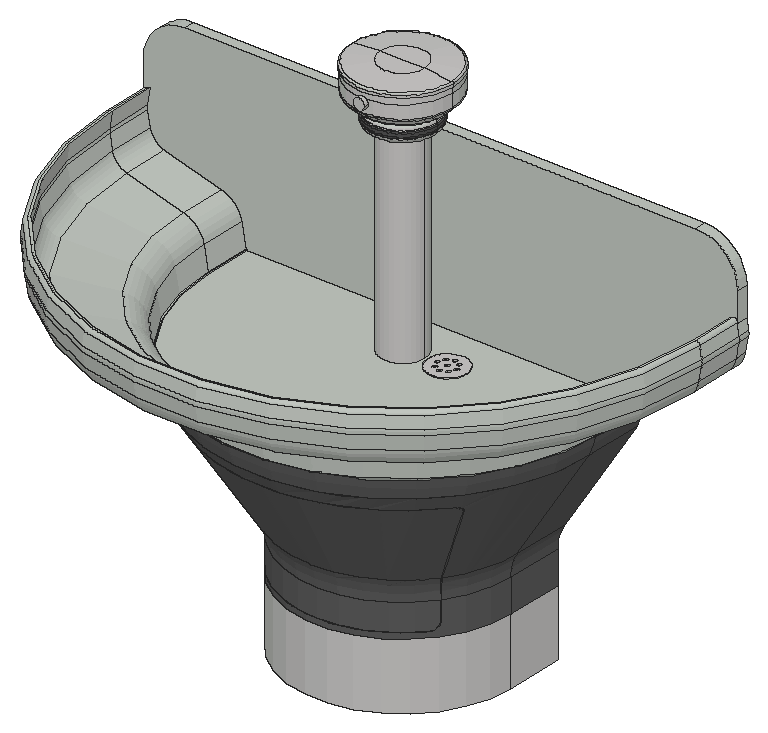
Revit family "Washfountain_Lavatory-Bradley_Corp-TDB3104-Type_O_Drain", category Plumbing Fixtures, Revit 2012
Parameters (values of type "Standard")
  Width = 54.000"
  Warranty Information = "Terreon® material warranted for ten years. All other components warranted for one year. This warranty does not cover installation or any other labor charges and does not apply to any units, which have been damaged by accident, abuse, improper installation, improper maintenance, or altered in any way."
  WFU = 0
  Voltage = 110 V
  Version = "2.0"
  Vent Radius = 3/4"
  URL = "http://www.bradleycorp.com/"
  Towel Dispenser Holder [instance] = if(and(Soap Dispenser, Model ID = 2), 4.560", if(and(Soap Dispenser, Model ID = 1), 5.060", 4.396"))  # 4.396"
  Towel Dispenser Height [instance] = if(and(Soap Dispenser, Model ID = 2), 60.310", if(and(Soap Dispenser, Model ID = 1), 56.310", if(and(No Soap Dispenser, Model ID = 2), 51.810", 47.810")))  # 51.810"
  TouchTime® Control [instance] = yes
  Technical Data = "n/a"
  Supply Height [instance] = if(and(Towel Dispenser, Soap Dispenser, Model ID = 2), 80.313", if(and(Towel Dispenser, No Soap Dispenser, Model ID = 2), 71.813", (if(and(No Towel Dispenser, Soap Dispenser, Model ID = 2), 55.750", (if(and(No Towel Dispenser, No Soap Dispenser, Model ID = 2), 47.414", if(and(Towel Dispenser, Soap Dispenser, Model ID = 1), 75.813", if(and(Towel Dispenser, No Soap Dispenser, Model ID = 1), 67.313", if(and(No Towel Dispenser, Soap Dispenser, Model ID = 1), 51.250", 43.414")))))))))  # 47.414"
  Standard Height = Model ID = 2  # yes
  Spray Head Height = 43.719"
  Specifications URL = "http://www.bradleycorp.com/3partspec"
  Soap Dispenser Height = 55.750"
  Sensor Module Height = 47.414"
  Rim Height = 34.000"
  Product Tech Data URL - Spanish = ""
  Product Tech Data URL - French = ""
  Product Tech Data URL - English = "http://bradleycorp.com/download/1293/2055.pdf"
  Pedestal Material = Fibreglass - Bradley Corp - Black
  Pedestal Height = 23.500"
  Operating Water Pressure Range = "20 - 80 PSI"
  OmniClass Table 23 Title = "Sinks/Lavatories"
  OmniClass Table 23 Number = "23-31 13 00"
  OmniClass Table 21 Title = "Plumbing Fixtures"
  OmniClass Table 21 Number = "21-04 20 10 60"
  No Towel Dispenser [instance] = not(Towel Dispenser)  # yes
  No Soap Dispenser [instance] = not(Soap Dispenser)  # yes
  Modeling Code = ""
  Model ID = 2
  Model = "TDB3104"
  Material Note = "Other Terreon® colors available - See www.bradleycorp.com "
  MasterFormat Title = "Commercial Lavatories and Sinks"
  MasterFormat Number = "22 42 16"
  Manufacturer = "Bradley Corp"
  Juvenile Height = Model ID = 1  # no
  Industry Standards = " ANSI Z124.3, Z124.6 and ANSI/ICPA SS-1-2001"
  Hot Lavatory Inlet Radius = Hot Lavatory Inlet / 2  # 1/4"
  Hot Lavatory Inlet = 1/2"
  HWFU = 0
  Frequency = 50 Hz
  Flow Rate = 2.5 GPM
  Fire Rating = "n/a"
  Drain Secondary Radius = Drain Secondary / 2  # 1"
  Drain Secondary = 2"
  Drain Primary Radius = Drain Primary / 2  # 1"
  Drain Primary = 2"
  Description = "54\" Semi-Circular, Deep Bowl Washfountain"
  Copyright = "This Model Data is Property of Bradley Corporation"
  Cold Lavatory Inlet Radius = Cold Lavatory Inlet / 2  # 1/4"
  Cold Lavatory Inlet = 1/2"
  CWFU = 0
  Buy American Act = "No"
  Button Visibility [instance] = or(TouchTime® Control, Air Valve Hand Control)  # yes
  Bowl Material [instance] = Stone - Bradley Corp - Empire Gray
  Assembly Code = "D2010300"
  Air Valve Hand Control [instance] = no
  Adaptive Infrared Activation Control [instance] = no
  ADA Compliant = "Yes"
  Soap Dispenser [instance] = no
  Towel Dispenser [instance] = no
Reference planes (in)
  plane 1 "Center (Front/Back)": y = 0
  plane 2: z = 0
  plane 3 "Center (Left/Right)": x = 0
  plane 4 "Left": x = -27
  plane 5 "Right": x = 27
  plane 6 "Towel Dispenser": z = 51.81
  plane 7 "Soap Dispenser": z = 55.75
  plane 8 "Sensor Module": z = 47.414
  plane 9 "Spray Head": z = 43.719
  plane 10 "Rim Height": z = 34
  plane 11 "Pedestal Height": z = 23.5
  plane 12: y = -32.24695
  plane 13: y = -5.3402
Forms (in)
  Extrusion 1, solid, material "Stainless Steel - Bradley Corp - Satin"
    sketch origin (0, 0, 0) x (1, 0, 0) y (0, 1, 0)
      loop
        arc (-9.75, -5.25) -> (0, -15) -> (9.75, -5.25) r 9.75
        line (9.75, -5.25) -> (9.75, 0) -> (-9.75, 0) -> (-9.75, -5.25)
    from 0 to 6.02
  Sweep 2, solid, material "Fibreglass - Bradley Corp - Black" <- "Pedestal Material", detail levels coarse
    path in 3D
      loop
        line (-9.75, 0, 6.02) -> (-9.75, -5.25, 6.02)
        arc (-9.75, -5.25, 6.02) -> (0, -15, 6.02) -> (9.75, -5.25, 6.02) r 9.75
        line (9.75, -5.25, 6.02) -> (9.75, 0, 6.02)
    profile origin (-9.75, -2.625, 6.02) x (1, 0, 0) y (0, 0, 1)
      loop
        line (-0.62812, 5.13184) -> (0, 2.98) -> (0, 0) -> (0.5, 0) -> (0.5, 2.98) -> (-0.20663, 5.40082) -> (-6.67795, 15.54125) -> (-7.23012, 17.48) -> (-7.75, 17.48) -> (-7.13879, 15.33394) -> (-0.62812, 5.13184)
  Sweep 3, solid, material "Fibreglass - Bradley Corp - Black" <- "Pedestal Material", detail levels medium+fine
    path in 3D
      loop
        line (-9.75, 0, 6.02) -> (-9.75, -5.25, 6.02)
        arc (-9.75, -5.25, 6.02) -> (0, -15, 6.02) -> (9.75, -5.25, 6.02) r 9.75
        line (9.75, -5.25, 6.02) -> (9.75, 0, 6.02)
    profile origin (-9.75, -2.625, 6.02) x (1, 0, 0) y (0, 0, 1)
      loop
        line (-7.13879, 15.33394) -> (-0.62812, 5.13184)
        arc (-0.62812, 5.13184) -> (-0.16024, 4.10082) -> (0, 2.98) r 4
        line (0, 2.98) -> (0, 0) -> (0.5, 0) -> (0.5, 2.98) -> (-0.20663, 5.40082) -> (-6.67795, 15.54125) -> (-7.23012, 17.48) -> (-7.61822, 17.48)
        arc (-7.61822, 17.48) -> (-7.70221, 17.43276) -> (-7.72517, 17.33917) r 0.12116
        arc (-7.72517, 17.33917) -> (-7.49023, 16.31952) -> (-7.13879, 15.33394) r 9.0211
  Sweep 4, solid, material "Stone - Bradley Corp - Empire Gray" <- "Bowl Material", visible <- "Standard Height", detail levels coarse
    path in 3D
      loop
        line (-9.75, -0.99695, 6.02) -> (-9.75, -5.25, 6.02)
        arc (-9.75, -5.25, 6.02) -> (0, -15, 6.02) -> (9.75, -5.25, 6.02) r 9.75
        line (9.75, -5.25, 6.02) -> (9.75, -0.99695, 6.02)
    profile origin (-9.75, -3.12347, 6.02) x (1, 0, 0) y (0, 0, 1)
      loop
        line (-8.69027, 19.99893) -> (-8.25, 17.48) -> (-7.74242, 17.48) -> (-7.74242, 17.98) -> (-8.22286, 20.22877) -> (-9.87228, 22.03159) -> (-14.93805, 23.3892) -> (-16.52873, 27.98) -> (-17.05789, 27.98) -> (-15.32366, 22.9749) -> (-10.14268, 21.58641) -> (-8.69027, 19.99893)
  Sweep 5, solid, material "Stone - Bradley Corp - Empire Gray" <- "Bowl Material", visible <- "Standard Height", detail levels medium+fine
    path in 3D
      loop
        line (-9.75, -0.99695, 6.02) -> (-9.75, -5.25, 6.02)
        arc (-9.75, -5.25, 6.02) -> (0, -15, 6.02) -> (9.75, -5.25, 6.02) r 9.75
        line (9.75, -5.25, 6.02) -> (9.75, -0.99695, 6.02)
    profile origin (-9.75, -3.12347, 6.02) x (1, 0, 0) y (0, 0, 1)
      loop
        arc (-16.68727, 27.98028) -> (-16.93198, 27.88933) -> (-17.05789, 27.66063) r 0.37468
        line (-17.05789, 27.66063) -> (-17.21443, 26.6064)
        arc (-17.21443, 26.6064) -> (-17.23048, 26.36063) -> (-17.2061, 26.11555) r 1.5
        line (-17.2061, 26.11555) -> (-16.95433, 24.74241)
        arc (-16.95433, 24.74241) -> (-16.39494, 23.62252) -> (-15.32366, 22.9749) r 2.25
        line (-15.32366, 22.9749) -> (-10.14268, 21.58641)
        arc (-10.14268, 21.58641) -> (-9.1848, 21.00462) -> (-8.69027, 19.99893) r 2
        line (-8.69027, 19.99893) -> (-8.26736, 17.57934)
        arc (-8.26736, 17.57934) -> (-8.22636, 17.50813) -> (-8.14915, 17.48) r 0.12
        line (-8.14915, 17.48) -> (-7.74242, 17.48) -> (-7.74242, 17.98)
        arc (-7.74242, 17.98) -> (-7.8103, 18.00475) -> (-7.84632, 18.06737) r 0.10547
        line (-7.84632, 18.06737) -> (-8.19748, 20.08354)
        arc (-8.19748, 20.08354) -> (-8.8154, 21.34158) -> (-10.01324, 22.06937) r 2.5
        line (-10.01324, 22.06937) -> (-15.19423, 23.45786)
        arc (-15.19423, 23.45786) -> (-16.02745, 23.96157) -> (-16.46253, 24.83259) r 1.75
        line (-16.46253, 24.83259) -> (-16.7143, 26.20573)
        arc (-16.7143, 26.20573) -> (-16.73056, 26.36911) -> (-16.71985, 26.53296) r 1
        line (-16.71985, 26.53296) -> (-16.50494, 27.98028) -> (-16.68727, 27.98028)
  Extrusion 6, solid, material "Stone - Bradley Corp - Empire Gray" <- "Bowl Material", visible <- "Standard Height", detail levels medium+fine
    sketch origin (-21, 0, 40) x (-1, 0, 0) y (0, 0, -1)
      loop
        arc (2.05789, 0) -> (4.70954, 1.09835) -> (5.80789, 3.75) r 3.75
        line (5.80789, 3.75) -> (5.80789, 6.31937) -> (5.96443, 7.3736)
        arc (5.96443, 7.3736) -> (5.98048, 7.61937) -> (5.9561, 7.86445) r 1.5
        line (5.9561, 7.86445) -> (5.70433, 9.23759)
        arc (5.70433, 9.23759) -> (5.14494, 10.35748) -> (4.07366, 11.0051) r 2.25
        line (4.07366, 11.0051) -> (-1.10732, 12.39359)
        arc (-1.10732, 12.39359) -> (-2.0652, 12.97538) -> (-2.55973, 13.98107) r 2
        line (-2.55973, 13.98107) -> (-2.98264, 16.40066)
        arc (-2.98264, 16.40066) -> (-3.02364, 16.47187) -> (-3.10085, 16.5) r 0.12
        line (-3.10085, 16.5) -> (-38.89915, 16.5)
        arc (-38.89915, 16.5) -> (-38.97636, 16.47187) -> (-39.01736, 16.40066) r 0.12
        line (-39.01736, 16.40066) -> (-39.44027, 13.98107)
        arc (-39.44027, 13.98107) -> (-39.9348, 12.97538) -> (-40.89268, 12.39359) r 2
        line (-40.89268, 12.39359) -> (-46.07366, 11.0051)
        arc (-46.07366, 11.0051) -> (-47.14494, 10.35748) -> (-47.70433, 9.23759) r 2.25
        line (-47.70433, 9.23759) -> (-47.9561, 7.86445)
        arc (-47.9561, 7.86445) -> (-47.98048, 7.61937) -> (-47.96443, 7.3736) r 1.5
        line (-47.96443, 7.3736) -> (-47.80789, 6.31937) -> (-47.80789, 3.75)
        arc (-47.80789, 3.75) -> (-46.70954, 1.09835) -> (-44.05789, 0) r 3.75
        line (-44.05789, 0) -> (2.05789, 0)
    from 0 to 0.99695
  Extrusion 7, solid, material "Stone - Bradley Corp - Empire Gray" <- "Bowl Material", visible <- "Standard Height", detail levels coarse
    sketch origin (-21, 0, 40) x (-1, 0, 0) y (0, 0, -1)
      loop
        arc (2.05789, 0) -> (4.70954, 1.09835) -> (5.80789, 3.75) r 3.75
        line (5.80789, 3.75) -> (5.80789, 6) -> (4.07366, 11.0051) -> (-1.10732, 12.39359) -> (-2.55973, 13.98107) -> (-3, 16.5) -> (-39, 16.5) -> (-39.44027, 13.98107) -> (-40.89268, 12.39359) -> (-46.07366, 11.0051) -> (-47.80789, 6) -> (-47.80789, 3.75)
        arc (-47.80789, 3.75) -> (-46.70954, 1.09835) -> (-44.05789, 0) r 3.75
        line (-44.05789, 0) -> (2.05789, 0)
    from 0 to 0.99695
  Extrusion 8, solid, material "Stone - Bradley Corp - Empire Gray" <- "Bowl Material"
    sketch origin (0, 0, 0) x (1, 0, 0) y (0, 1, 0)
      loop
        arc (-17.49242, -5.25) -> (0, -22.74242) -> (17.49242, -5.25) r 17.49242
        line (17.49242, -5.25) -> (17.49242, -0.99695) -> (-17.49242, -0.99695) -> (-17.49242, -5.25)
      loop
        circle (4, -5.24635) r 1.75
    from 23.5 to 24
  Extrusion 9, solid, material "Fibreglass - Bradley Corp - Black" <- "Pedestal Material"
    sketch origin (0, 0, 0) x (1, 0, 0) y (0, 0, 1)
      loop
        line (16.42795, 21.56125) -> (16.98012, 23.5) -> (-16.98012, 23.5) -> (-16.42795, 21.56125) -> (-9.95663, 11.42082) -> (-9.25, 9) -> (-9.25, 6.02) -> (9.25, 6.02) -> (9.25, 9) -> (9.95663, 11.42082) -> (16.42795, 21.56125)
    from 0 to 0.99695
  Sweep 10, solid, material "Stone - Bradley Corp - Empire Gray" <- "Bowl Material", visible <- "Juvenile Height", detail levels coarse
    path in 3D
      loop
        line (-9.75, -0.99695, 6.02) -> (-9.75, -5.25, 6.02)
        arc (-9.75, -5.25, 6.02) -> (0, -15, 6.02) -> (9.75, -5.25, 6.02) r 9.75
        line (9.75, -5.25, 6.02) -> (9.75, -0.99695, 6.02)
    profile origin (-9.75, -3.12347, 6.02) x (1, 0, 0) y (0, 0, 1)
      loop
        line (-17.05789, 23.48016) -> (-15.79641, 19.98631) -> (-9.31066, 18.54066) -> (-8.25, 17.48) -> (-7.74242, 17.48) -> (-7.74242, 17.98) -> (-8.04289, 17.98) -> (-9.05994, 18.99705) -> (-15.42026, 20.41473) -> (-16.71791, 23.98) -> (-17.05789, 23.98) -> (-17.05789, 23.48016)
  Sweep 11, solid, material "Stone - Bradley Corp - Empire Gray" <- "Bowl Material", visible <- "Juvenile Height", detail levels medium+fine
    path in 3D
      loop
        line (-9.75, -0.99695, 6.02) -> (-9.75, -5.25, 6.02)
        arc (-9.75, -5.25, 6.02) -> (0, -15, 6.02) -> (9.75, -5.25, 6.02) r 9.75
        line (9.75, -5.25, 6.02) -> (9.75, -0.99695, 6.02)
    profile origin (-9.75, -3.12347, 6.02) x (1, 0, 0) y (0, 0, 1)
      loop
        line (-17.06017, 23.47983) -> (-16.09625, 20.81009)
        arc (-16.09625, 20.81009) -> (-15.56078, 20.13316) -> (-14.78237, 19.76028) r 1.9141
        line (-14.78237, 19.76028) -> (-9.98471, 18.6909)
        arc (-9.98471, 18.6909) -> (-9.38001, 18.4665) -> (-8.85786, 18.08786) r 2.37805
        line (-8.85786, 18.08786) -> (-8.25, 17.48) -> (-7.74242, 17.48) -> (-7.74242, 17.98) -> (-8.04289, 17.98) -> (-8.508, 18.44511)
        arc (-8.508, 18.44511) -> (-9.14156, 18.90599) -> (-9.87593, 19.17893) r 2.87805
        line (-9.87593, 19.17893) -> (-14.6736, 20.2483)
        arc (-14.6736, 20.2483) -> (-15.3549, 20.61776) -> (-15.73914, 21.29084) r 1.4141
        line (-15.73914, 21.29084) -> (-16.71803, 23.98032)
        arc (-16.71803, 23.98032) -> (-17.01718, 23.81764) -> (-17.06017, 23.47983) r 0.3737
  Extrusion 12, solid, material "Stone - Bradley Corp - Empire Gray" <- "Bowl Material", visible <- "Juvenile Height", detail levels medium+fine
    sketch origin (-33.92149, 0, 36) x (1, 0, 0) y (0, 0, 1)
      loop
        arc (10.8636, 0) -> (8.21195, -1.09835) -> (7.1136, -3.75) r 3.75
        line (7.1136, -3.75) -> (7.1136, -6.29359)
        arc (7.1136, -6.29359) -> (7.12237, -6.47702) -> (7.16726, -6.6551) r 0.92368
        line (7.16726, -6.6551) -> (8.07524, -9.16991)
        arc (8.07524, -9.16991) -> (8.61071, -9.84684) -> (9.38912, -10.21972) r 1.9141
        line (9.38912, -10.21972) -> (14.18678, -11.2891)
        arc (14.18678, -11.2891) -> (14.79148, -11.5135) -> (15.31363, -11.89214) r 2.37805
        line (15.31363, -11.89214) -> (15.92149, -12.5) -> (51.92149, -12.5) -> (52.52935, -11.89214)
        arc (52.52935, -11.89214) -> (53.05151, -11.5135) -> (53.6562, -11.2891) r 2.37805
        line (53.6562, -11.2891) -> (58.45386, -10.21972)
        arc (58.45386, -10.21972) -> (59.23227, -9.84684) -> (59.76774, -9.16991) r 1.9141
        line (59.76774, -9.16991) -> (60.67573, -6.6551)
        arc (60.67573, -6.6551) -> (60.72061, -6.47702) -> (60.72938, -6.29359) r 0.92368
        line (60.72938, -6.29359) -> (60.72938, -3.75)
        arc (60.72938, -3.75) -> (59.63103, -1.09835) -> (56.97938, 0) r 3.75
        line (56.97938, 0) -> (10.8636, 0)
    from 0 to 0.99695
  Extrusion 13, solid, material "Stone - Bradley Corp - Empire Gray" <- "Bowl Material", visible <- "Juvenile Height", detail levels coarse
    sketch origin (-33.92149, 0, 36) x (1, 0, 0) y (0, 0, 1)
      loop
        line (60.72938, -6.52782) -> (60.72938, -3.75)
        arc (60.72938, -3.75) -> (59.63103, -1.09835) -> (56.97938, 0) r 3.75
        line (56.97938, 0) -> (10.8636, 0)
        arc (10.8636, 0) -> (8.21195, -1.09835) -> (7.1136, -3.75) r 3.75
        line (7.1136, -3.75) -> (7.1136, -6.52782) -> (8.37508, -9.99369) -> (14.86083, -11.43934) -> (15.92149, -12.5) -> (51.92149, -12.5) -> (52.98215, -11.43934) -> (59.46791, -9.99369) -> (60.72938, -6.52782)
    from 0 to 0.99695
  Extrusion 14, solid, material "Stainless Steel - Bradley Corp - Polished", detail levels medium+fine
    sketch origin (0, 0, 24) x (1, 0, 0) y (0, 1, 0)
      loop
        circle (4, -5.24635) r 1.75
      loop
        circle (4, -5.24635) r 0.1842
      loop
        circle (4, -4.36864) r 0.1842
      loop
        circle (3.12229, -5.24635) r 0.1842
      loop
        circle (4, -6.12406) r 0.1842
      loop
        circle (4.87771, -5.24635) r 0.1842
      loop
        circle (4.62063, -4.62571) r 0.1842
      loop
        circle (3.37937, -4.62571) r 0.1842
      loop
        circle (3.37937, -5.86698) r 0.1842
      loop
        circle (4.62063, -5.86698) r 0.1842
    from 0 to 0.04618
  Extrusion 15, solid, material "Stainless Steel - Bradley Corp - Satin"
    sketch origin (0, 0, 0) x (1, 0, 0) y (0, 1, 0)
      loop
        circle (0, -5.25) r 2
    from 24 to 44.24213
  Extrusion 16, void
    sketch origin (-33.92149, 0, 36) x (1, 0, 0) y (0, 0, 1)
      loop
        arc (21.39394, -16) -> (21.10481, -16.23564) -> (21.11292, -16.60855) r 0.42493
        line (21.11292, -16.60855) -> (25.4255, -24.84746)
        spline (25.4255, -24.84746) -> (25.50604, -25.0095) -> (25.5802, -25.17601) -> (25.64781, -25.34661) -> (25.70871, -25.52093) -> (25.76278, -25.69857) -> (25.80989, -25.87913) -> (25.84992, -26.06221) -> (25.88281, -26.2474) -> (25.90846, -26.43428) -> (25.92682, -26.62243) -> (25.93786, -26.81142) -> (25.94154, -27.00085)
        line (25.94154, -27.00085) -> (25.94154, -28.87883)
        arc (25.94154, -28.87883) -> (26.1194, -29.30039) -> (26.54548, -29.46715) r 0.58852
        line (26.54548, -29.46715) -> (41.26976, -29.46715)
        arc (41.26976, -29.46715) -> (41.73411, -29.26588) -> (41.92524, -28.79728) r 0.67003
        line (41.92524, -28.79728) -> (41.92524, -26.85223)
        spline (41.92524, -26.85223) -> (41.92867, -26.6698) -> (41.93898, -26.48774) -> (41.95613, -26.30645) -> (41.98009, -26.12631) -> (42.01081, -25.9477) -> (42.04822, -25.77099) -> (42.09225, -25.59655) -> (42.14281, -25.42475) -> (42.19978, -25.25596) -> (42.26305, -25.09052) -> (42.33248, -24.92878) -> (42.40793, -24.7711)
        line (42.40793, -24.7711) -> (46.72897, -16.61066)
        arc (46.72897, -16.61066) -> (46.73867, -16.23672) -> (46.44904, -16) r 0.42493
        line (46.44904, -16) -> (21.39394, -16)
      loop
        line (41.8496, -28.82388) -> (41.8496, -27.03567)
        spline (41.8496, -27.03567) -> (41.85127, -26.8354) -> (41.86049, -26.63547) -> (41.87721, -26.43629) -> (41.90141, -26.23827) -> (41.93303, -26.04183) -> (41.97203, -25.84739) -> (42.01837, -25.65534) -> (42.07191, -25.46608) -> (42.13254, -25.28) -> (42.20012, -25.09749) -> (42.27452, -24.91892) -> (42.35562, -24.74468)
        line (42.35562, -24.74468) -> (46.67712, -16.58338)
        arc (46.67712, -16.58338) -> (46.68672, -16.26403) -> (46.44203, -16.05859) r 0.36634
        line (46.44203, -16.05859) -> (21.40095, -16.05859)
        arc (21.40095, -16.05859) -> (21.15669, -16.26309) -> (21.16491, -16.58154) r 0.36634
        line (21.16491, -16.58154) -> (25.4774, -24.82026)
        spline (25.4774, -24.82026) -> (25.55904, -24.98455) -> (25.63417, -25.15332) -> (25.70267, -25.32619) -> (25.76437, -25.50277) -> (25.81915, -25.68266) -> (25.86687, -25.86548) -> (25.90738, -26.05083) -> (25.94064, -26.23829) -> (25.9666, -26.42745) -> (25.98519, -26.61787) -> (25.99639, -26.80915) -> (26.00013, -27.00085)
        line (26.00013, -27.00085) -> (26.00013, -28.87883)
        arc (26.00013, -28.87883) -> (26.16055, -29.25868) -> (26.54469, -29.40855) r 0.52993
        line (26.54469, -29.40855) -> (41.26493, -29.40855)
        arc (41.26493, -29.40855) -> (41.67835, -29.23731) -> (41.8496, -28.82388) r 0.58467
    from 7.94 to 24.01788
  Extrusion 17, solid, material "Stainless Steel - Bradley Corp - Polished", visible <- "Soap Dispenser"
    sketch origin (0, 0, 0) x (1, 0, 0) y (0, 1, 0)
      loop
        circle (0, -5.25) r 2
    from 47.414 to 49.75
  Extrusion 18, solid, material "Stainless Steel - Bradley Corp - Polished", visible <- "Towel Dispenser"
    sketch origin (-5.56458, -2.11186, 51.81) x (0, 0, 1) y (0.866025, 0.5, 0)
      loop
        line (0, 0) -> (0, -1.75) -> (1.375, -4) -> (14.625, -4) -> (15.3125, 0) -> (0, 0)
    from -11 to 0
  Extrusion 19, solid, material "Stainless Steel - Bradley Corp - Polished", visible <- "Towel Dispenser"
    sketch origin (5.56458, -2.11186, 51.81) x (0, 0, 1) y (0.866025, -0.5, 0)
      loop
        line (0, 0) -> (15.3125, 0) -> (14.625, 4) -> (1.375, 4) -> (0, 1.75) -> (0, 0)
    from -11 to 0
  Extrusion 20, solid, material "Stainless Steel - Bradley Corp - Polished", visible <- "Towel Dispenser"
    sketch origin (-18.13744, 0, 51.81) x (-1, 0, 0) y (0, -1, 0)
      loop
        line (-18.07285, 11.63814) -> (-18.20202, 11.63814) -> (-23.70202, 2.11186) -> (-23.59038, 2.04741) -> (-12.68449, 2.04741) -> (-12.57285, 2.11186) -> (-18.07285, 11.63814)
      loop
        circle (-18.13744, 5.25) r 2
    from 14.625 to 14.125
  Revolve 21, solid, material "Stainless Steel - Bradley Corp - Polished", detail levels coarse+medium
    sketch origin (-27, -5.25, 47.414) x (1, 0, 0) y (0, 0, 1)
      loop
        line (27, -3.17187) -> (27, 0) -> (22.4245, 0) -> (22.4245, -2.34747) -> (23.2489, -3.17187) -> (27, -3.17187)
      loop
        line (27, -5.10281) -> (27, -3.69531) -> (24.32008, -3.69531) -> (23.875, -4.14039) -> (23.875, -4.64024) -> (24.33758, -5.10281) -> (27, -5.10281)
      axis (27, 0) -> (27, -5.10281)
    angle from 0 to 360
  Revolve 22, solid, material "Stainless Steel - Bradley Corp - Polished", detail levels fine
    sketch origin (-27, -5.25, 47.414) x (1, 0, 0) y (0, 0, 1)
      loop
        arc (22.54844, -0.19977) -> (22.46021, -0.24285) -> (22.4245, -0.33431) r 0.135
        line (22.4245, -0.33431) -> (22.4245, -0.56995) -> (22.5, -0.56995) -> (22.5, -1.11431) -> (22.5, -2.31832)
        arc (22.5, -2.31832) -> (22.51903, -2.41399) -> (22.57322, -2.4951) r 0.25
        line (22.57322, -2.4951) -> (23.17678, -3.09865)
        arc (23.17678, -3.09865) -> (23.25788, -3.15284) -> (23.35355, -3.17187) r 0.25
        line (23.35355, -3.17187) -> (27, -3.17187) -> (27, 0.00105) -> (24.992, 0.00105) -> (22.54844, -0.19977)
      loop
        arc (23.965, -4.75781) -> (24.06605, -5.00176) -> (24.31, -5.10281) r 0.345
        line (24.31, -5.10281) -> (27, -5.10281) -> (27, -3.69531) -> (24.31, -3.69531)
        arc (24.31, -3.69531) -> (24.06605, -3.79636) -> (23.965, -4.04031) r 0.345
        line (23.965, -4.04031) -> (23.965, -4.14039)
        arc (23.965, -4.14039) -> (23.90115, -4.16911) -> (23.875, -4.23406) r 0.09375
        line (23.875, -4.23406) -> (23.875, -4.54656)
        arc (23.875, -4.54656) -> (23.90115, -4.61151) -> (23.965, -4.64024) r 0.09375
        line (23.965, -4.64024) -> (23.965, -4.75781)
      axis (27, 0.00105) -> (27, -5.10281)
    angle from 0 to 360
  Extrusion 23, solid, material "Stainless Steel - Bradley Corp - Polished", visible <- "Soap Dispenser", detail levels fine
    sketch origin (-27, 0, 55.75) x (1, 0, 0) y (0, 0, 1)
      loop
        line (20.84438, -1) -> (20.96998, -1) -> (20.96998, -1.64327) -> (21.01796, -1.64327) -> (21.01796, -2.89327) -> (21.07058, -2.89327) -> (21.07058, -4.14327) -> (21.1232, -4.14327) -> (21.1232, -5.39327) -> (21.19098, -5.39327) -> (21.19098, -6) -> (32.80902, -6) -> (32.80902, -5.39327) -> (32.8768, -5.39327) -> (32.8768, -4.14327) -> (32.92942, -4.14327) -> (32.92942, -2.89327) -> (32.98204, -2.89327) -> (32.98204, -1.64327) -> (33.03002, -1.64327) -> (33.03002, -1) -> (33.15562, -1) -> (33.15562, -0.375)
        arc (33.15562, -0.375) -> (32.17951, -0.12076) -> (31.17808, 0) r 7.48907
        line (31.17808, 0) -> (22.82192, 0)
        arc (22.82192, 0) -> (21.82049, -0.12076) -> (20.84438, -0.375) r 7.48907
        line (20.84438, -0.375) -> (20.84438, -1)
    from 3.06766 to 5.3402
  Extrusion 24, solid, material "Stainless Steel - Bradley Corp - Polished", visible <- "Soap Dispenser", detail levels coarse+medium
    sketch origin (-27, 0, 55.75) x (1, 0, 0) y (0, 0, 1)
      loop
        line (20.88289, -1) -> (21.19098, -6) -> (32.80902, -6) -> (33.11711, -1) -> (20.88289, -1)
    from 3.06766 to 5.3402
  Revolve 25, solid, material "Stainless Steel - Bradley Corp - Polished", visible <- "Soap Dispenser", detail levels fine
    sketch origin (-27, -5.3402, 55.75) x (1, 0, 0) y (0, 0, 1)
      loop
        line (20.96998, -1.64327) -> (21.01796, -1.64327) -> (21.01796, -2.89327) -> (21.07058, -2.89327) -> (21.07058, -4.14327) -> (21.1232, -4.14327) -> (21.1232, -5.39327) -> (21.19098, -5.39327) -> (21.19098, -6) -> (27, -6) -> (27, 0) -> (22.82192, 0)
        arc (22.82192, 0) -> (21.82049, -0.12076) -> (20.84438, -0.375) r 7.48907
        line (20.84438, -0.375) -> (20.84438, -1) -> (20.96998, -1) -> (20.96998, -1.64327)
      axis (27, 0) -> (27, -6)
    angle from 360 to 180
  Revolve 26, solid, material "Stainless Steel - Bradley Corp - Polished", visible <- "Soap Dispenser", detail levels coarse+medium
    sketch origin (-27, -5.3402, 51.25) x (1, 0, 0) y (0, 0, 1)
      loop
        line (27, -1.5) -> (27, 3.5) -> (20.88289, 3.5) -> (21.19098, -1.5) -> (27, -1.5)
      axis (27, 3.5) -> (27, -1.5)
    angle from 360 to 180
  Extrusion 27, solid, material "Stainless Steel - Bradley Corp - Polished", visible <- "Towel Dispenser"
    sketch origin (0, 0, 51.81) x (-1, 0, 0) y (0, -1, 0)
      loop
        circle (0, 5.25) r 2
    from -4.396 to 16.3125
  Extrusion 28, solid, material "Stainless Steel - Bradley Corp - Polished", visible <- "Towel Dispenser"
    sketch origin (0, 0, 51.81) x (-1, 0, 0) y (0, -1, 0)
      loop
        line (-5.45295, 2.04741) -> (5.45295, 2.04741) -> (5.56458, 2.11186) -> (0.06458, 11.63814) -> (-0.06458, 11.63814) -> (-5.56458, 2.11186) -> (-5.45295, 2.04741)
      loop
        circle (0, 5.25) r 2
    from 1.06293 to 1.56293
  Extrusion 29, solid, material "Stainless Steel - Bradley Corp - Polished", not visible
    sketch origin (0, 0, 51.81) x (-1, 0, 0) y (0, -1, 0)
      loop
        circle (0.875, 4) r 0.25
      loop
        circle (-0.875, 4) r 0.25
    from -51.81 to -4.396
  Extrusion 30, solid, material "Default", not visible
    sketch origin (0, -27, 0) x (-1, 0, 0) y (0, 0, 1)
      loop
        line (-0.5, 9) -> (-1.5, 9) -> (-1.5, 7) -> (-0.5, 7) -> (-0.5, 9)
      loop
        circle (-4, 13.25) r 1
    from 24 to 27
  Revolve 31, solid, material "Plastic - Bradley Corp - Black", visible <- "Soap Dispenser", detail levels coarse+medium
    sketch origin (-27, -5.3402, 55.75) x (1, 0, 0) y (0, 0, 1)
      loop
        line (20.82127, 0) -> (20.88289, -1) -> (27, -1) -> (27, 0) -> (20.82127, 0)
      axis (27, 0) -> (27, -1)
    angle from 180 to 360
  Extrusion 32, solid, material "Plastic - Bradley Corp - Black", visible <- "Soap Dispenser", detail levels coarse+medium
    sketch origin (-27, -5.3402, 55.75) x (1, 0, 0) y (0, 0, 1)
      loop
        line (20.88289, -1) -> (33.11711, -1) -> (33.17873, 0) -> (20.82127, 0) -> (20.88289, -1)
    from 0 to -2.27254
  Extrusion 33, solid, material "Stainless Steel - Bradley Corp - Polished", visible <- "Button Visibility"
    sketch origin (-27, -5.25, 47.414) x (1, 0, 0) y (0, 0, 1)
      loop
        circle (27, -1.45871) r 0.5
    from 4.91915 to 4.5755
  Extrusion 34, solid, material "Stainless Steel - Bradley Corp - Polished", visible <- "Button Visibility", detail levels fine
    sketch origin (-27, -5.25, 47.414) x (1, 0, 0) y (0, 0, 1)
      loop
        circle (27, -1.45871) r 0.25
    from 4.5 to 4.5755
  Extrusion 35, solid, material "Default", not visible, detail levels fine
    sketch origin (0, 0, 0) x (1, 0, 0) y (0, 1, 0)
      loop
        circle (4, -5.25) r 1
    from 0 to 3
Cuts and joins
  joined: Sweep 11, Extrusion 12
  joined: Sweep 10, Extrusion 13
  Extrusion 16 cuts Sweep 3
  joined: Extrusion 23, Revolve 25
  joined: Extrusion 24, Revolve 26
  joined: Revolve 31, Extrusion 32
Lines and regions (in)
  Split face 1
    outline origin (-9.02868, -4.11186, 53.185) x (0.738964, 0.426641, -0.52145) y (0.5, -0.866025, 0)
      loop
        arc (0.59847, 1.4994) -> (1.34847, 0.7494) -> (2.09847, 1.4994) r 0.75
        line (2.09847, 1.4994) -> (2.09847, 9.5006)
        arc (2.09847, 9.5006) -> (1.34847, 10.2506) -> (0.59847, 9.5006) r 0.75
        line (0.59847, 9.5006) -> (0.59847, 1.4994)
  Split face 2
    outline origin (9.02868, -4.11186, 53.185) x (-0.738964, 0.426641, -0.52145) y (0.5, 0.866025, 0)
      loop
        line (0.59766, -1.49951) -> (0.59766, -9.5)
        arc (0.59766, -9.5) -> (1.34774, -10.25008) -> (2.09782, -9.5) r 0.75008
        line (2.09782, -9.5) -> (2.09782, -1.49951)
        arc (2.09782, -1.49951) -> (1.34774, -0.74943) -> (0.59766, -1.49951) r 0.75008
  Masking region 1
    outline origin (0, 0, 0) x (1, 0, 0) y (0, 0, 1)
      loop
        line (-9.75, 6.02) -> (-9.75, 0) -> (9.75, 0) -> (9.75, 6.02) -> (9.75, 9) -> (10.37812, 11.15184) -> (16.88879, 21.35394) -> (17.5, 23.5) -> (-17.5, 23.5) -> (-16.88879, 21.35394) -> (-10.37812, 11.15184) -> (-9.75, 9) -> (-9.75, 6.02)
  Masking region 2, visible <- "Juvenile Height", detail levels coarse
    outline origin (-33.92149, 0, 36) x (1, 0, 0) y (0, 0, 1)
      loop
        arc (10.8636, 0) -> (8.21195, -1.09835) -> (7.1136, -3.75) r 3.75
        line (7.1136, -3.75) -> (7.1136, -6.52782) -> (8.37508, -9.99369) -> (14.86083, -11.43934) -> (15.92149, -12.5) -> (51.92149, -12.5) -> (52.98215, -11.43934) -> (59.46791, -9.99369) -> (60.72938, -6.52782) -> (60.72938, -3.75)
        arc (60.72938, -3.75) -> (59.63103, -1.09835) -> (56.97938, 0) r 3.75
        line (56.97938, 0) -> (10.8636, 0)
  Masking region 3, visible <- "Juvenile Height", detail levels medium+fine
    outline origin (-33.92149, 0, 36) x (1, 0, 0) y (0, 0, 1)
      loop
        arc (10.8636, 0) -> (8.21195, -1.09835) -> (7.1136, -3.75) r 3.75
        line (7.1136, -3.75) -> (7.1136, -6) -> (7.44483, -6)
        arc (7.44483, -6) -> (7.17352, -6.11238) -> (7.06114, -6.38369) r 0.38369
        line (7.06114, -6.38369) -> (8.07524, -9.16991)
        arc (8.07524, -9.16991) -> (8.61071, -9.84684) -> (9.38912, -10.21972) r 1.9141
        line (9.38912, -10.21972) -> (14.18678, -11.2891)
        arc (14.18678, -11.2891) -> (14.79357, -11.51462) -> (15.31706, -11.89543) r 2.37805
        line (15.31706, -11.89543) -> (15.92163, -12.5) -> (51.92135, -12.5) -> (52.52592, -11.89543)
        arc (52.52592, -11.89543) -> (53.04941, -11.51462) -> (53.6562, -11.2891) r 2.37805
        line (53.6562, -11.2891) -> (58.45386, -10.21972)
        arc (58.45386, -10.21972) -> (59.23227, -9.84684) -> (59.76774, -9.16991) r 1.9141
        line (59.76774, -9.16991) -> (60.78184, -6.38369)
        arc (60.78184, -6.38369) -> (60.66946, -6.11238) -> (60.39815, -6) r 0.38369
        line (60.39815, -6) -> (60.72938, -6) -> (60.72938, -3.75)
        arc (60.72938, -3.75) -> (59.63103, -1.09835) -> (56.97938, 0) r 3.75
        line (56.97938, 0) -> (10.8636, 0)
  Masking region 4, visible <- "Standard Height", detail levels coarse
    outline origin (-21, 0, 40) x (-1, 0, 0) y (0, 0, -1)
      loop
        arc (2.05789, 0) -> (4.70954, 1.09835) -> (5.80789, 3.75) r 3.75
        line (5.80789, 3.75) -> (5.80789, 6) -> (4.07366, 11.0051) -> (-1.10732, 12.39359) -> (-2.55973, 13.98107) -> (-3, 16.5) -> (-39, 16.5) -> (-39.44027, 13.98107) -> (-40.89268, 12.39359) -> (-46.07366, 11.0051) -> (-47.80789, 6) -> (-47.80789, 3.75)
        arc (-47.80789, 3.75) -> (-46.70954, 1.09835) -> (-44.05789, 0) r 3.75
        line (-44.05789, 0) -> (2.05789, 0)
  Masking region 5, visible <- "Standard Height", detail levels medium+fine
    outline origin (-21, 0, 40) x (-1, 0, 0) y (0, 0, -1)
      loop
        arc (2.05789, 0) -> (4.70954, 1.09835) -> (5.80789, 3.75) r 3.75
        line (5.80789, 3.75) -> (5.80789, 6) -> (4.43462, 9.96335)
        arc (4.43462, 9.96335) -> (3.88072, 10.8061) -> (2.99781, 11.29343) r 2.09986
        line (2.99781, 11.29343) -> (-1.10732, 12.39359)
        arc (-1.10732, 12.39359) -> (-2.0652, 12.97538) -> (-2.55973, 13.98107) r 2
        line (-2.55973, 13.98107) -> (-3, 16.5) -> (-39, 16.5) -> (-39.44027, 13.98107)
        arc (-39.44027, 13.98107) -> (-39.9348, 12.97538) -> (-40.89268, 12.39359) r 2
        line (-40.89268, 12.39359) -> (-44.99781, 11.29343)
        arc (-44.99781, 11.29343) -> (-45.88072, 10.8061) -> (-46.43462, 9.96335) r 2.09986
        line (-46.43462, 9.96335) -> (-47.80789, 6) -> (-47.80789, 3.75)
        arc (-47.80789, 3.75) -> (-46.70954, 1.09835) -> (-44.05789, 0) r 3.75
        line (-44.05789, 0) -> (2.05789, 0)
  Masking region 6, visible <- "Towel Dispenser"
    outline origin (-18.13744, 0, 51.81) x (-1, 0, 0) y (0, 0, -1)
      loop
        line (-16.13744, -15.3125) -> (-12.57285, -15.3125) -> (-9.10875, -14.625) -> (-9.10875, -1.375) -> (-11.05731, 0) -> (-16.13744, 0) -> (-16.13744, 4.396) -> (-20.13744, 4.396) -> (-20.13744, 0) -> (-25.21756, 0) -> (-27.16612, -1.375) -> (-27.16612, -14.625) -> (-23.70202, -15.3125) -> (-20.13744, -15.3125) -> (-20.13744, -16.3125) -> (-16.13744, -16.3125) -> (-16.13744, -15.3125)
  Masking region 7, visible <- "Juvenile Height", detail levels coarse
    outline origin (-27, 0, 36) x (0, -1, 0) y (0, 0, 1)
      loop
        line (0.99695, -6) -> (0.99695, 0) -> (0, 0) -> (0, -12.5) -> (23.25, -12.5) -> (24.31061, -11.43939) -> (30.79572, -9.99562) -> (32.05789, -6.49984) -> (32.05789, -6) -> (0.99695, -6)
  Masking region 8, visible <- "Juvenile Height", detail levels medium+fine
    outline origin (-27, 0, 36) x (0, -1, 0) y (0, 0, 1)
      loop
        line (24.98186, -11.28995) -> (29.86237, -10.20341)
        arc (29.86237, -10.20341) -> (30.60525, -9.83626) -> (31.09468, -9.16759) r 1.74331
        line (31.09468, -9.16759) -> (32.05789, -6.49984)
        arc (32.05789, -6.49984) -> (32.01432, -6.15903) -> (31.70975, -6) r 0.37116
        line (31.70975, -6) -> (0.99695, -6) -> (0.99695, 0) -> (0, 0) -> (0, -12.5) -> (23.25, -12.5) -> (23.85786, -11.89214)
        arc (23.85786, -11.89214) -> (24.37535, -11.50796) -> (24.98186, -11.28995) r 2.20341
  Masking region 9
    outline origin (0, 0, 0) x (0, 1, 0) y (0, 0, 1)
      loop
        line (-15, 0) -> (0, 0) -> (0, 23.5) -> (-22.75417, 23.5) -> (-22.13879, 21.35394) -> (-15.62812, 11.15184) -> (-15, 9) -> (-15, 0)
  Masking region 10, visible <- "Soap Dispenser", detail levels fine
    outline origin (-27, -1.99582, 55.75) x (0, -1, 0) y (0, 0, 1)
      loop
        line (5.25418, -6) -> (9.1534, -6) -> (9.1534, -5.39327) -> (9.22117, -5.39327) -> (9.22117, -4.14327) -> (9.27379, -4.14327) -> (9.27379, -2.89327) -> (9.32616, -2.89327) -> (9.32616, -1.64327) -> (9.3744, -1.64327) -> (9.3744, -1) -> (9.5, -1) -> (9.5, -0.37547)
        arc (9.5, -0.37547) -> (8.5245, -0.11785) -> (7.52246, 0) r 7.15586
        line (7.52246, 0) -> (1.07183, 0) -> (1.07183, -6) -> (1.25, -6) -> (1.25, -8.336) -> (5.25418, -8.336) -> (5.25418, -6)
  Masking region 11, visible <- "Towel Dispenser"
    outline origin (-27, 0, 51.81) x (0, -1, 0) y (0, 0, 1)
      loop
        line (7.25, 16.3125) -> (3.25, 16.3125) -> (3.25, 15.3125) -> (2.11186, 15.3125) -> (2.11186, 0) -> (3.25, 0) -> (3.25, -4.396) -> (7.25, -4.396) -> (7.25, 0) -> (12.51314, 0) -> (13.63814, 1.375) -> (13.63814, 14.625) -> (11.63814, 15.3125) -> (7.25, 15.3125) -> (7.25, 16.3125)
  Masking region 12, visible <- "Soap Dispenser", detail levels coarse+medium
    outline origin (-27, -1.99582, 55.75) x (0, -1, 0) y (0, 0, 1)
      loop
        line (1.07183, 0) -> (1.07183, -6) -> (1.25, -6) -> (1.25, -8.336) -> (5.25418, -8.336) -> (5.25418, -6) -> (9.1534, -6) -> (9.52311, 0) -> (1.07183, 0)
  Masking region 13, visible <- "Soap Dispenser", detail levels coarse+medium
    outline origin (-27, 0, 55.75) x (1, 0, 0) y (0, 0, 1)
      loop
        line (20.82127, 0) -> (21.19098, -6) -> (25, -6) -> (25, -8.336) -> (29, -8.336) -> (29, -6) -> (32.80902, -6) -> (33.17873, 0) -> (20.82127, 0)
  Masking region 14, visible <- "Soap Dispenser", detail levels fine
    outline origin (-27, 0, 55.75) x (1, 0, 0) y (0, 0, 1)
      loop
        arc (22.82154, -0.0051) -> (21.82026, -0.12303) -> (20.84529, -0.37976) r 7.1951
        line (20.84529, -0.37976) -> (20.84529, -1) -> (20.96998, -1) -> (20.96998, -1.64327) -> (21.01796, -1.64327) -> (21.01796, -2.89327) -> (21.07058, -2.89327) -> (21.07058, -4.14327) -> (21.1232, -4.14327) -> (21.1232, -5.39327) -> (21.19098, -5.39327) -> (21.19098, -6) -> (25, -6) -> (25, -8.336) -> (29, -8.336) -> (29, -6) -> (32.80902, -6) -> (32.80902, -5.39327) -> (32.8768, -5.39327) -> (32.8768, -4.14327) -> (32.92942, -4.14327) -> (32.92942, -2.89327) -> (32.98204, -2.89327) -> (32.98204, -1.64327) -> (33.03002, -1.64327) -> (33.03002, -1.04433) -> (33.15562, -1.04433) -> (33.15562, -0.40421)
        arc (33.15562, -0.40421) -> (32.18571, -0.13036) -> (31.18569, -0.0051) r 6.69951
        line (31.18569, -0.0051) -> (22.82154, -0.0051)
  Masking region 15, detail levels coarse+medium
    outline origin (-27, -5.25, 47.414) x (1, 0, 0) y (0, 0, 1)
      loop
        line (22.4245, 0) -> (22.4245, -2.34747) -> (23.2489, -3.17187) -> (25, -3.17187) -> (25, -3.69531) -> (24.32008, -3.69531) -> (23.875, -4.14039) -> (23.875, -4.64024) -> (24.33758, -5.10281) -> (29.66242, -5.10281) -> (30.125, -4.64024) -> (30.125, -4.14039) -> (29.67992, -3.69531) -> (29, -3.69531) -> (29, -3.17187) -> (30.7511, -3.17187) -> (31.5755, -2.34747) -> (31.5755, 0) -> (22.4245, 0)
  Masking region 16, detail levels fine
    outline origin (-27, -5.25, 47.414) x (1, 0, 0) y (0, 0, 1)
      loop
        arc (22.54844, -0.19977) -> (22.46021, -0.24285) -> (22.4245, -0.33431) r 0.135
        line (22.4245, -0.33431) -> (22.4245, -0.56995) -> (22.5, -0.56995) -> (22.5, -1.11431) -> (22.5, -2.31832)
        arc (22.5, -2.31832) -> (22.51903, -2.41399) -> (22.57322, -2.4951) r 0.25
        line (22.57322, -2.4951) -> (23.17678, -3.09865)
        arc (23.17678, -3.09865) -> (23.25788, -3.15284) -> (23.35355, -3.17187) r 0.25
        line (23.35355, -3.17187) -> (25, -3.17187) -> (25, -3.69531) -> (24.31, -3.69531)
        arc (24.31, -3.69531) -> (24.06605, -3.79636) -> (23.965, -4.04031) r 0.345
        line (23.965, -4.04031) -> (23.965, -4.14039)
        arc (23.965, -4.14039) -> (23.90115, -4.16911) -> (23.875, -4.23406) r 0.09375
        line (23.875, -4.23406) -> (23.875, -4.54656)
        arc (23.875, -4.54656) -> (23.90115, -4.61151) -> (23.965, -4.64024) r 0.09375
        line (23.965, -4.64024) -> (23.965, -4.75781)
        arc (23.965, -4.75781) -> (24.06605, -5.00176) -> (24.31, -5.10281) r 0.345
        line (24.31, -5.10281) -> (29.69, -5.10281)
        arc (29.69, -5.10281) -> (29.93395, -5.00176) -> (30.035, -4.75781) r 0.345
        line (30.035, -4.75781) -> (30.035, -4.64024)
        arc (30.035, -4.64024) -> (30.09885, -4.61151) -> (30.125, -4.54656) r 0.09375
        line (30.125, -4.54656) -> (30.125, -4.23406)
        arc (30.125, -4.23406) -> (30.09885, -4.16911) -> (30.035, -4.14039) r 0.09375
        line (30.035, -4.14039) -> (30.035, -4.04031)
        arc (30.035, -4.04031) -> (29.93395, -3.79636) -> (29.69, -3.69531) r 0.345
        line (29.69, -3.69531) -> (29, -3.69531) -> (29, -3.17187) -> (30.64645, -3.17187)
        arc (30.64645, -3.17187) -> (30.74212, -3.15284) -> (30.82322, -3.09865) r 0.25
        line (30.82322, -3.09865) -> (31.42678, -2.4951)
        arc (31.42678, -2.4951) -> (31.48097, -2.41399) -> (31.5, -2.31832) r 0.25
        line (31.5, -2.31832) -> (31.5, -1.11431) -> (31.5, -0.56995) -> (31.5755, -0.56995) -> (31.5755, -0.33431)
        arc (31.5755, -0.33431) -> (31.53979, -0.24285) -> (31.45156, -0.19977) r 0.135
        line (31.45156, -0.19977) -> (29.008, 0.00105) -> (24.992, 0.00105) -> (22.54844, -0.19977)
  Masking region 17, detail levels fine
    outline origin (-27, -5.25, 47.414) x (0, 1, 0) y (0, 0, 1)
      loop
        line (4.45156, -0.19977) -> (2.008, 0.00105) -> (-2.008, 0.00105) -> (-4.45156, -0.19977)
        arc (-4.45156, -0.19977) -> (-4.53979, -0.24285) -> (-4.5755, -0.33431) r 0.135
        line (-4.5755, -0.33431) -> (-4.5755, -0.56995) -> (-4.5, -0.56995) -> (-4.5, -1.11431) -> (-4.5, -2.31832)
        arc (-4.5, -2.31832) -> (-4.48097, -2.41399) -> (-4.42678, -2.4951) r 0.25
        line (-4.42678, -2.4951) -> (-3.82322, -3.09865)
        arc (-3.82322, -3.09865) -> (-3.74212, -3.15284) -> (-3.64645, -3.17187) r 0.25
        line (-3.64645, -3.17187) -> (-2, -3.17187) -> (-2, -3.69531) -> (-2.69, -3.69531)
        arc (-2.69, -3.69531) -> (-2.93395, -3.79636) -> (-3.035, -4.04031) r 0.345
        line (-3.035, -4.04031) -> (-3.035, -4.14039)
        arc (-3.035, -4.14039) -> (-3.09885, -4.16911) -> (-3.125, -4.23406) r 0.09375
        line (-3.125, -4.23406) -> (-3.125, -4.54656)
        arc (-3.125, -4.54656) -> (-3.09885, -4.61151) -> (-3.035, -4.64024) r 0.09375
        line (-3.035, -4.64024) -> (-3.035, -4.75781)
        arc (-3.035, -4.75781) -> (-2.93395, -5.00176) -> (-2.69, -5.10281) r 0.345
        line (-2.69, -5.10281) -> (2.69, -5.10281)
        arc (2.69, -5.10281) -> (2.93395, -5.00176) -> (3.035, -4.75781) r 0.345
        line (3.035, -4.75781) -> (3.035, -4.64024)
        arc (3.035, -4.64024) -> (3.09885, -4.61151) -> (3.125, -4.54656) r 0.09375
        line (3.125, -4.54656) -> (3.125, -4.23406)
        arc (3.125, -4.23406) -> (3.09885, -4.16911) -> (3.035, -4.14039) r 0.09375
        line (3.035, -4.14039) -> (3.035, -4.04031)
        arc (3.035, -4.04031) -> (2.93395, -3.79636) -> (2.69, -3.69531) r 0.345
        line (2.69, -3.69531) -> (2, -3.69531) -> (2, -3.17187) -> (3.64645, -3.17187)
        arc (3.64645, -3.17187) -> (3.74212, -3.15284) -> (3.82322, -3.09865) r 0.25
        line (3.82322, -3.09865) -> (4.42678, -2.4951)
        arc (4.42678, -2.4951) -> (4.48097, -2.41399) -> (4.5, -2.31832) r 0.25
        line (4.5, -2.31832) -> (4.5, -1.11431) -> (4.5, -0.56995) -> (4.5755, -0.56995) -> (4.5755, -0.33431)
        arc (4.5755, -0.33431) -> (4.53979, -0.24285) -> (4.45156, -0.19977) r 0.135
  Masking region 18, detail levels coarse+medium
    outline origin (-27, -5.25, 47.414) x (0, 1, 0) y (0, 0, 1)
      loop
        line (2, -3.17187) -> (3.7511, -3.17187) -> (4.5755, -2.34747) -> (4.5755, 0) -> (-4.5755, 0) -> (-4.5755, -2.34747) -> (-3.7511, -3.17187) -> (-2, -3.17187) -> (-2, -3.69531) -> (-2.67992, -3.69531) -> (-3.125, -4.14039) -> (-3.125, -4.64024) -> (-2.66242, -5.10281) -> (2.66242, -5.10281) -> (3.125, -4.64024) -> (3.125, -4.14039) -> (2.67992, -3.69531) -> (2, -3.69531) -> (2, -3.17187)
  Masking region 19, visible <- "Standard Height", detail levels coarse
    outline origin (-27, 0.75, 40) x (0, -1, 0) y (0, 0, 1)
      loop
        line (0.75, 0) -> (0.75, -16.5) -> (24, -16.5) -> (24.44027, -13.98107) -> (25.89268, -12.39359) -> (31.07366, -11.0051) -> (32.80789, -6) -> (1.74695, -6) -> (1.74695, 0) -> (0.75, 0)
  Masking region 20, visible <- "Standard Height", detail levels medium+fine
    outline origin (-27, 0.75, 40) x (0, -1, 0) y (0, 0, 1)
      loop
        line (32.44374, -5.99972) -> (1.74695, -5.99972) -> (1.74695, 0) -> (0.75, 0) -> (0.75, -16.5) -> (23.90562, -16.5)
        arc (23.90562, -16.5) -> (23.98283, -16.47187) -> (24.02383, -16.40066) r 0.12
        line (24.02383, -16.40066) -> (24.44673, -13.98107)
        arc (24.44673, -13.98107) -> (24.94127, -12.97538) -> (25.89914, -12.39359) r 2
        line (25.89914, -12.39359) -> (31.08013, -11.0051)
        arc (31.08013, -11.0051) -> (32.15141, -10.35748) -> (32.71079, -9.23759) r 2.25
        line (32.71079, -9.23759) -> (32.96257, -7.86445)
        arc (32.96257, -7.86445) -> (32.98695, -7.61937) -> (32.9709, -7.3736) r 1.5
        line (32.9709, -7.3736) -> (32.81436, -6.31937)
        arc (32.81436, -6.31937) -> (32.68845, -6.09067) -> (32.44374, -5.99972) r 0.37468
  Masking region 21
    outline origin (0, 0, 34) x (-1, 0, 0) y (0, -1, 0)
      loop
        line (26.9807, 0) -> (26.9807, 5.25)
        arc (26.9807, 5.25) -> (0, 32.2307) -> (-26.9807, 5.25) r 26.9807
        line (-26.9807, 5.25) -> (-26.9807, 0) -> (26.9807, 0)
  Masking region 22
    outline origin (0, 0, 47.414) x (-1, 0, 0) y (0, -1, 0)
      loop
        circle (0, 5.25) r 4.5755
  Masking region 23, visible <- "Towel Dispenser"
    outline origin (0, 0, 51.81) x (-1, 0, 0) y (0, -1, 0)
      loop
        line (9.02868, 4.11186) -> (3.52868, 13.63814) -> (0.06458, 11.63814) -> (-0.06458, 11.63814) -> (-3.52868, 13.63814) -> (-9.02868, 4.11186) -> (-5.56458, 2.11186) -> (-5.45295, 2.04741) -> (5.45295, 2.04741) -> (5.56458, 2.11186) -> (9.02868, 4.11186)
      loop
        circle (0, 5.25) r 2
  Masking region 24, visible <- "Soap Dispenser"
    outline origin (0, 0, 55.75) x (-1, 0, 0) y (0, -1, 0)
      loop
        line (6.17873, 3.06766) -> (6.17873, 5.3402)
        arc (6.17873, 5.3402) -> (0, 11.51893) -> (-6.17873, 5.3402) r 6.17873
        line (-6.17873, 5.3402) -> (-6.17873, 3.06766) -> (6.17873, 3.06766)
  Masking region 25
    outline origin (-27, -5.25, 47.414) x (1, 0, 0) y (0, 0, 1)
      loop
        line (25, -5.10281) -> (25, -13.414) -> (29, -13.414) -> (29, -5.10281) -> (25, -5.10281)
  Masking region 26
    outline origin (0, 0, 0) x (0, 1, 0) y (0, 0, 1)
      loop
        line (-3.25, 42.31119) -> (-7.25, 42.31119) -> (-7.25, 34) -> (-3.25, 34) -> (-3.25, 42.31119)
  Split face 3
    outline origin (-6.15562, -3.06766, 54.75) x (0, 0, 1) y (1, 0, 0)
      loop
        line (0, 12.18565) -> (0, 0.1256)
  Masking region 27, visible <- "Button Visibility"
    outline origin (-27, -5.25, 47.414) x (0, 1, 0) y (0, 0, 1)
      loop
        line (-4.5755, -0.95871) -> (-4.91915, -0.95871) -> (-4.91915, -1.95871) -> (-4.5755, -1.95871) -> (-4.5755, -0.95871)
  Masking region 28, visible <- "Button Visibility", detail levels fine
    outline origin (-27, -5.25, 47.414) x (0, 1, 0) y (0, 0, 1)
      loop
        line (-4.5, -1.20871) -> (-4.5755, -1.20871) -> (-4.5755, -1.70871) -> (-4.5, -1.70871) -> (-4.5, -1.20871)
  reference lines
    curve 1: line (-24.13744, 0, 34) -> (-47.13744, 0, 34)
    curve 14: line (-21, 0, 40) -> (-32, 0, 40)
    curve 21: line (-33.92149, 0, 36) -> (-20.92149, 0, 36)
    curve 23: line (-18.13744, 0, 51.81) -> (-27, 0, 51.81)
    curve 24: line (-5.56458, -2.11186, 51.81) -> (-0.06458, -11.63814, 51.81)
    curve 25: line (0.06458, -11.63814, 51.81) -> (5.56458, -2.11186, 51.81)
    curve 41: line (-32.59321, -27, 51.81) -> (-24.13744, -27, 51.81)
    curve 74: line (-27, 7, 51.81) -> (-22, 7, 51.81)
    curve 75: line (-27, 0, 36) -> (-27, -4.75, 36)
    curve 76: line (-27, 0, 55.75) -> (-27, -3, 55.75)
    curve 77: line (-27, 0, 51.81) -> (-27, -5, 51.81)
    curve 78: line (-27, 0, 55.75) -> (-24, 0, 55.75)
    curve 93: line (-27, -5.25, 47.414) -> (-21.9561, -5.25, 47.414)
    curve 104: line (-27, -5.25, 47.414) -> (-27, -1.25, 47.414)
    curve 115: line (-27, 0.75, 40) -> (-27, -4.25, 40)
    curve 163: line (-27, -5.3402, 55.75) -> (-22, -5.3402, 55.75)
    curve 183: line (-4.221, -44.4096, 47.414) -> (4.779, -44.4096, 47.414)
  sketch lines
    curve 2: line (-9.75, 0, 6.02) -> (-9.75, -5.25, 6.02)
    curve 3: arc (9.75, -5.25, 6.02) -> (0, -15, 6.02) -> (-9.75, -5.25, 6.02) r 9.75
    curve 4: line (9.75, -5.25, 6.02) -> (9.75, 0, 6.02)
    curve 5: line (-9.75, 0, 6.02) -> (-9.75, -5.25, 6.02)
    curve 6: arc (9.75, -5.25, 6.02) -> (0, -15, 6.02) -> (-9.75, -5.25, 6.02) r 9.75
    curve 7: line (9.75, -5.25, 6.02) -> (9.75, 0, 6.02)
    curve 8: line (-9.75, -0.99695, 6.02) -> (-9.75, -5.25, 6.02)
    curve 9: arc (9.75, -5.25, 6.02) -> (0, -15, 6.02) -> (-9.75, -5.25, 6.02) r 9.75
    curve 10: line (9.75, -5.25, 6.02) -> (9.75, -0.99695, 6.02)
    curve 11: line (-9.75, -0.99695, 6.02) -> (-9.75, -5.25, 6.02)
    curve 12: arc (9.75, -5.25, 6.02) -> (0, -15, 6.02) -> (-9.75, -5.25, 6.02) r 9.75
    curve 13: line (9.75, -5.25, 6.02) -> (9.75, -0.99695, 6.02)
    curve 15: line (-9.75, -0.99695, 6.02) -> (-9.75, -5.25, 6.02)
    curve 16: arc (9.75, -5.25, 6.02) -> (0, -15, 6.02) -> (-9.75, -5.25, 6.02) r 9.75
    curve 17: line (9.75, -5.25, 6.02) -> (9.75, -0.99695, 6.02)
    curve 18: line (-9.75, -0.99695, 6.02) -> (-9.75, -5.25, 6.02)
    curve 19: arc (9.75, -5.25, 6.02) -> (0, -15, 6.02) -> (-9.75, -5.25, 6.02) r 9.75
    curve 20: line (9.75, -5.25, 6.02) -> (9.75, -0.99695, 6.02)
  model lines, detail levels medium+fine
    curve 22: circle (4, -5.24635, 24.04618) r 1.34351 normal (0, 0, 1)
  model lines, visible <- "Towel Dispenser", detail levels fine
    curve 26: spline (-9.02868, -4.11186, 53.185) -> (-8.93498, -4.27416, 56.22612) -> (-8.66025, -4.75, 59.06) -> (-8.22323, -5.50695, 61.4935) -> (-7.65368, -6.49343, 63.3608) -> (-6.99044, -7.64221, 64.53463) -> (-6.27868, -8.875, 64.935) -> (-5.56693, -10.10779, 64.53463) -> (-4.90368, -11.25657, 63.3608) -> (-4.33414, -12.24305, 61.4935) -> (-3.89711, -13, 59.06) -> (-3.62239, -13.47584, 56.22612) -> (-3.52868, -13.63814, 53.185)
    curve 27: spline (3.52868, -13.63814, 53.185) -> (3.62239, -13.47584, 56.16142) -> (3.89711, -13, 58.935) -> (4.33414, -12.24305, 61.31673) -> (4.90368, -11.25657, 63.14429) -> (5.56693, -10.10779, 64.29315) -> (6.27868, -8.875, 64.685) -> (6.99044, -7.64221, 64.29315) -> (7.65368, -6.49343, 63.14429) -> (8.22323, -5.50695, 61.31673) -> (8.66025, -4.75, 58.935) -> (8.93498, -4.27416, 56.16142) -> (9.02868, -4.11186, 53.185)
    curve 130: spline (-8.05017, -5.8067, 55.78656) -> (-8.03071, -5.84041, 55.82064) -> (-8.01257, -5.87182, 55.92054) -> (-7.997, -5.89879, 56.07946) -> (-7.98505, -5.91949, 56.28656) -> (-7.97754, -5.9325, 56.52774) -> (-7.97497, -5.93694, 56.78656) -> (-7.97754, -5.9325, 57.04538) -> (-7.98505, -5.91949, 57.28656) -> (-7.997, -5.89879, 57.49367) -> (-8.01257, -5.87182, 57.65259) -> (-8.03071, -5.84041, 57.75249) -> (-8.05017, -5.8067, 57.78656) -> (-8.06963, -5.77299, 57.75249) -> (-8.08777, -5.74158, 57.65259) -> (-8.10334, -5.7146, 57.49367) -> (-8.11529, -5.69391, 57.28656) -> (-8.1228, -5.68089, 57.04538) -> (-8.12536, -5.67646, 56.78656) -> (-8.1228, -5.68089, 56.52774) -> (-8.11529, -5.69391, 56.28656) -> (-8.10334, -5.7146, 56.07946) -> (-8.08777, -5.74158, 55.92054) -> (-8.06963, -5.77299, 55.82064) -> (-8.05017, -5.8067, 55.78656)
    curve 131: spline (4.5072, -11.9433, 55.78656) -> (4.48774, -11.97701, 55.82064) -> (4.4696, -12.00842, 55.92054) -> (4.45403, -12.0354, 56.07946) -> (4.44208, -12.05609, 56.28656) -> (4.43457, -12.06911, 56.52774) -> (4.432, -12.07354, 56.78656) -> (4.43457, -12.06911, 57.04538) -> (4.44208, -12.05609, 57.28656) -> (4.45403, -12.0354, 57.49367) -> (4.4696, -12.00842, 57.65259) -> (4.48774, -11.97701, 57.75249) -> (4.5072, -11.9433, 57.78656) -> (4.52666, -11.90959, 57.75249) -> (4.5448, -11.87818, 57.65259) -> (4.56037, -11.85121, 57.49367) -> (4.57232, -11.83051, 57.28656) -> (4.57983, -11.8175, 57.04538) -> (4.5824, -11.81306, 56.78656) -> (4.57983, -11.8175, 56.52774) -> (4.57232, -11.83051, 56.28656) -> (4.56037, -11.85121, 56.07946) -> (4.5448, -11.87818, 55.92054) -> (4.52666, -11.90959, 55.82064) -> (4.5072, -11.9433, 55.78656)
  symbolic lines
    curve 28: line (-9.75, -27, 6.02) -> (9.75, -27, 6.02)
    curve 96: line (-2, -5.25, 44.24213) -> (2, -5.25, 44.24213)
    curve 97: line (-2, -5.25, 43.71869) -> (2, -5.25, 43.71869)
    curve 107: line (-27, -3.25, 44.24213) -> (-27, -7.25, 44.24213)
    curve 108: line (-27, -3.25, 43.71869) -> (-27, -7.25, 43.71869)
    curve 124: line (-26.9807, -15, 6.02) -> (-26.9807, 0, 6.02)
    curve 127: line (-26.80789, -27, 34) -> (26.80789, -27, 34)
    curve 147: line (-26.9807, -0.99695, 34) -> (26.9807, -0.99695, 34)
    curve 148: arc (-26.4807, -5.25, 34) -> (0, -31.7307, 34) -> (26.4807, -5.25, 34) r 26.4807
    curve 149: line (-26.4807, -0.99695, 34) -> (-26.4807, -5.25, 34)
    curve 150: line (26.4807, -5.25, 34) -> (26.4807, -0.99695, 34)
    curve 172: circle (4, -5.24635, 34) r 1.75 normal (0, 0, 1)
  symbolic lines, detail levels fine
    curve 29: line (-12.52755, -27, 20) -> (12.52755, -27, 20)
    curve 30: arc (-12.52755, -27, 20) -> (-12.81668, -27, 19.76436) -> (-12.80857, -27, 19.39145) r 0.42493
    curve 31: line (-8.49599, -27, 11.15254) -> (-12.80857, -27, 19.39145)
    curve 32: spline (-8.49599, -27, 11.15254) -> (-8.41545, -27, 10.9905) -> (-8.34129, -27, 10.82399) -> (-8.27368, -27, 10.65339) -> (-8.21278, -27, 10.47907) -> (-8.15871, -27, 10.30143) -> (-8.11161, -27, 10.12087) -> (-8.07157, -27, 9.93779) -> (-8.03869, -27, 9.7526) -> (-8.01303, -27, 9.56572) -> (-7.99467, -27, 9.37757) -> (-7.98363, -27, 9.18858) -> (-7.97995, -27, 8.99915)
    curve 33: line (-7.97995, -27, 7.12117) -> (-7.97995, -27, 8.99915)
    curve 34: arc (-7.97995, -27, 7.12117) -> (-7.80209, -27, 6.69961) -> (-7.37601, -27, 6.53285) r 0.58852
    curve 35: line (7.34827, -27, 6.53285) -> (-7.37601, -27, 6.53285)
    curve 36: arc (7.34827, -27, 6.53285) -> (7.81262, -27, 6.73412) -> (8.00375, -27, 7.20272) r 0.67003
    curve 37: line (8.00375, -27, 9.14777) -> (8.00375, -27, 7.20272)
    curve 38: spline (8.00375, -27, 9.14777) -> (8.00718, -27, 9.3302) -> (8.01749, -27, 9.51226) -> (8.03464, -27, 9.69355) -> (8.0586, -27, 9.87369) -> (8.08932, -27, 10.0523) -> (8.12673, -27, 10.22901) -> (8.17076, -27, 10.40345) -> (8.22132, -27, 10.57525) -> (8.27829, -27, 10.74404) -> (8.34155, -27, 10.90948) -> (8.41099, -27, 11.07122) -> (8.48644, -27, 11.2289)
    curve 39: line (12.80748, -27, 19.38934) -> (8.48644, -27, 11.2289)
    curve 40: arc (12.80748, -27, 19.38934) -> (12.81718, -27, 19.76328) -> (12.52755, -27, 20) r 0.42493
    curve 95: line (-4.5, -5.25, 46.84405) -> (4.5, -5.25, 46.84405)
    curve 105: line (-27, -0.75, 46.84405) -> (-27, -9.75, 46.84405)
    curve 117: line (0, -21.27475, 20) -> (0, -15.24266, 20)
    curve 118: line (0, -14.2179, 19.38934) -> (0, -11.21198, 11.15545)
    curve 119: line (0, -10.81799, 9) -> (0, -10.81799, 7.20272)
    curve 120: line (0, -11.62628, 6.53285) -> (0, -15, 6.53285)
    curve 121: arc (0, -10.81799, 7.20272) -> (0, -11.10139, 6.72209) -> (0, -11.62628, 6.53285) r 0.82259
    curve 122: arc (0, -11.21198, 11.15545) -> (0, -10.9173, 10.09558) -> (0, -10.81799, 9) r 6.09304
